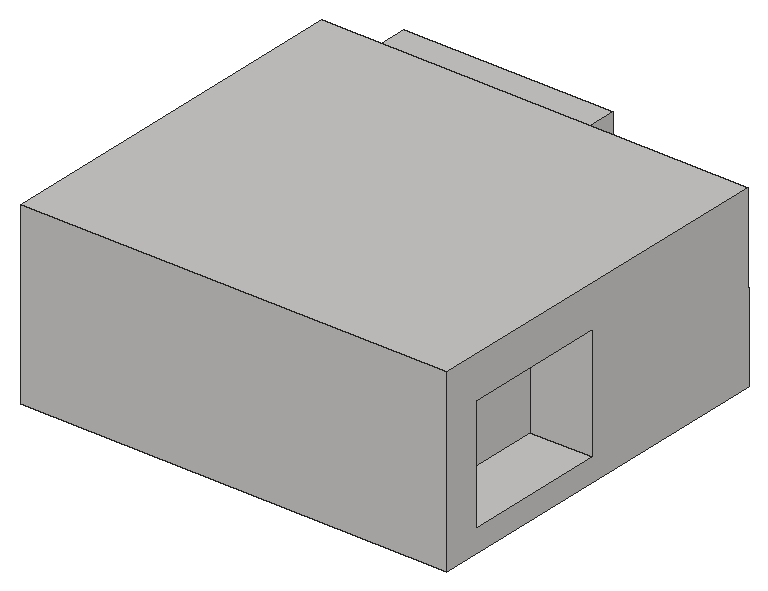
Revit family
Parameters
  Width = 3' - 0 1/8"
  Voltage = 208 V
  Unit Weight = "155.0 lbs"
  UltraLoc Liner = Choose Liner Option = 3  # no
  URL = "http://www.titus-hvac.com/"
  UL = "181"
  Supply Air Flow [instance] = 0 CFM
  SteriLoc Liner = Choose Liner Option = 2  # no
  Primary Air Pressure Drop [instance] = 0.00 in-wg
  Primary Air Flow [instance] = 0 CFM
  Plenum Air Pressure Drop [instance] = 0.00 in-wg
  Plenum Air Flow [instance] = 0 CFM
  Outlet Width = 1' - 2"
  Outlet Vertical Offset = 0' - 1 1/8"
  Outlet Horizontal Offset = 0' - 1 3/8"
  Outlet Height = 0' - 11"
  Number of Poles = 2
  Nominal Width = Width + 0' 6 1/4"  # 3' - 6 3/8"
  Nominal Length = Length + 0' 3 3/8"  # 3' - 8 1/4"
  Nominal Inlet Size = 0' - 8"
  Nominal Height = 1' - 5 1/8"
  NFPA = "90A"
  Motor Full Load Amps = 4.1 A
  Model = "DTQS"
  Min. Air Flow = 0 CFM
  Max. Air Flow = 0 CFM
  Material = Galvanized Steel
  Manufacturer = "Titus"
  Length = 3' - 4 7/8"
  Juction Box Offset = 0' - 2 7/8"
  Inlet Diameter = Nominal Inlet Size - 0' 0 1/8"  # 0' - 7 7/8"
  Induced Air Inlet Offset = 0' - 4 1/2"
  Induced Air Inlet Width = 1' - 1 1/4"
  Induced Air Inlet Height = 1' - 2 1/2"
  Induced Air Filter = no
  Heating Total Capacity [instance] = 0 Btu/h
  Half Outlet Connection Width = Outlet Width / 2  # 0' - 7"
  Half Outlet Connection Height = Outlet Height / 2  # 0' - 5 1/2"
  Half Height Start = -(Nominal Height / 2)  # -0' - 8 9/16"
  Half Height End = Nominal Height / 2  # 0' - 8 9/16"
  HP-Motor = "1/3"
  Frequency = 60 Hz
  Filter Size = "19\"x17\""
  Fiber Free Liner = Choose Liner Option = 1  # no
  Fan Disconnect Switch = no
  Duct Radius = Nominal Inlet Size / 2  # 0' - 4"
  Description = "Series Fan Powered Terminal Unit, Direct Digital Control, Pressure Independent"
  Connection Void Radius = Connection Radius - 0' 0 1/4"  # 0' - 3 11/16"
  Connection Radius = Inlet Diameter / 2  # 0' - 3 15/16"
  Choose Liner Option = 0
  CADworks URL = "www.CADworks.net"
  Assembly Code = "D3040100"
  Apparent Power = Voltage * Motor Full Load Amps  # 852.8 VA
  Air Inlet Offset = 0' - 6"
  1/2" Fiberglass Liner = Choose Liner Option = 0  # yes
Reference planes (in)
  plane 1 "Center (Front/Back)": y = 0
  plane 2: z = 0
  plane 3 "Center (Left/Right)": x = 3
  plane 4: x = -17.4375
  plane 5: x = 23.4375
  plane 6: x = -14.5625
  plane 7: x = -20.8125
  plane 8 "Center (Elevation)": z = 0
  plane 9: y = -18.0625
  plane 10: y = 18.0625
  plane 11: y = 12.0625
  plane 12: y = -13.5625
  plane 13: x = -11.4375
  plane 14: x = 17.4375
  plane 15: y = 24.3125
  plane 16: z = 8.5625
  plane 17: z = -8.5625
Forms (in)
  Extrusion 1, solid, material "Galvanized Steel" <- "Material"
    sketch origin (61, -3.76302, 78.80279) x (1, 0, 0) y (0, 1, 0)
      loop
        line (-78.4375, 21.82552) -> (-78.4375, -14.29948) -> (-37.5625, -14.29948) -> (-37.5625, 21.82552) -> (-78.4375, 21.82552)
    from -87.36529 <- "Half Height Start" to -70.24029 <- "Half Height End"
  Extrusion 2, solid, material "Galvanized Steel" <- "Material"
    sketch origin (4.0625, 0, 42) x (1, 0, 0) y (0, 1, 0)
      loop
        line (-18.625, 18.0625) -> (1.375, 18.0625) -> (1.375, 24.3125) -> (-18.625, 24.3125) -> (-18.625, 18.0625)
    from -48 to -36
  Extrusion 3, void
    sketch origin (23.4375, 18.0625, 76.42779) x (0, 1, 0) y (0, 0, -1)
      loop
        line (-18.625, 71.86529) -> (-18.625, 82.86529) -> (-32.625, 82.86529) -> (-32.625, 71.86529) -> (-18.625, 71.86529)
    from 0 to 6
  Extrusion 4, solid, material "Galvanized Steel" <- "Material"
    sketch origin (-24.875, -0.4375, 0) x (0, 0, -1) y (0, 1, 0)
      loop
        circle (0, 12.5) r 3.9375
    from 4.0625 to 7.4375
  Extrusion 5, void
    sketch origin (-24.875, 0, 0) x (0, 1, 0) y (0, 0, 1)
      loop
        circle (12.0625, 0) r 3.6875
    from 4.0625 to 13.4375
  Extrusion 6, void
    sketch origin (-17.4375, -18.0625, 78.67779) x (0, -1, 0) y (0, 0, -1)
      loop
        line (-17.75, 71.49029) -> (-4.5, 71.49029) -> (-4.5, 85.99029) -> (-17.75, 85.99029) -> (-17.75, 71.49029)
    from 0 to 6
Cuts and joins
  Extrusion 3, Extrusion 5, Extrusion 6 cuts Extrusion 1
  Extrusion 5 cuts Extrusion 4
Dimensions and locks (in)
  "Length": plane 5 to plane 4
  equal spacing: plane 5, plane 3 "Center (Left/Right)", plane 4
  locked: Extrusion 2 to plane 6 at 0
  locked: Extrusion 2 to Extrusion 2 at 20
  "Juction Box Offset": plane 6 to plane 4
  "Outlet Height": Extrusion 3 sketch curve to Extrusion 3 sketch curve
  "Outlet Width": Extrusion 3 sketch curve to Extrusion 3 sketch curve
  locked: plane 4 to plane 7 at 3.375
  "Width": plane 9 to plane 10
  equal spacing: plane 9, plane 1 "Center (Front/Back)", plane 10
  locked: Extrusion 4 sketch curve to level at 0
  locked: Extrusion 4 sketch curve to plane 11 at 0
  locked: Extrusion 5 sketch curve to level at 0
  locked: Extrusion 5 sketch curve to plane 11 at 0
  locked: Extrusion 2 to Extrusion 2 at 6.25
  "Air Inlet Offset": plane 10 to plane 11
  locked: Extrusion 2 to plane 10 at 0
  locked: cut or joined group of Extrusion 4, Extrusion 5 to plane 7 at 0
  locked: cut or joined group of Extrusion 4, Extrusion 5 to cut or joined group of Extrusion 4, Extrusion 5 at 3.375
  "Induced Air Inlet Offset": plane 9 to plane 12
  "Induced Air Inlet Width": Extrusion 6 sketch curve to Extrusion 6 sketch curve
  "Induced Air Inlet Height": Extrusion 6 sketch curve to Extrusion 6 sketch curve
  "Induced Air Inlet Offset": Extrusion 6 sketch curve to plane 9
  locked: plane 9 to Extrusion 3 sketch curve at 3.5
  cut or joined group of Extrusion 1, Extrusion 3, Extrusion 5, Extrusion 6 to Extrusion 6 sketch curve = 0' - 1 3/8"
  cut or joined group of Extrusion 1, Extrusion 3, Extrusion 5, Extrusion 6 to Extrusion 3 sketch curve = 0' - 2 1/8"
  locked: Extrusion 2 to Extrusion 2 at 12
  equal spacing: Extrusion 2, level, Extrusion 2
  locked: cut or joined group of Extrusion 1, Extrusion 3, Extrusion 5, Extrusion 6 to cut or joined group of Extrusion 1, Extrusion 3, Extrusion 5, Extrusion 6 at 17.125
  equal spacing: cut or joined group of Extrusion 1, Extrusion 3, Extrusion 5, Extrusion 6, level, cut or joined group of Extrusion 1, Extrusion 3, Extrusion 5, Extrusion 6
  locked: plane 4 to plane 13 at 6
  locked: plane 14 to plane 5 at 6
  "Connection Radius": radius of Extrusion 4 sketch curve
  "Connection Void Radius": radius of Extrusion 5 sketch curve
  aligned and locked: cut or joined group of Extrusion 1, Extrusion 3, Extrusion 5, Extrusion 6 to plane 10
  aligned and locked: plane 9 to cut or joined group of Extrusion 1, Extrusion 3, Extrusion 5, Extrusion 6
  aligned and locked: plane 5 to cut or joined group of Extrusion 1, Extrusion 3, Extrusion 5, Extrusion 6
  aligned and locked: cut or joined group of Extrusion 1, Extrusion 3, Extrusion 5, Extrusion 6 to plane 4
  aligned and locked: Extrusion 3 to plane 14
  aligned and locked: plane 13 to Extrusion 6
  aligned and locked: Extrusion 6 to Extrusion 5
Automatic sketch dimensions
  plane 4 to Extrusion 1 sketch curve = 0' - 0"
  plane 5 to Extrusion 1 sketch curve = 0' - 0"
  plane 9 to Extrusion 1 sketch curve = 0' - 0"
  plane 10 to Extrusion 1 sketch curve = 0' - 0"
  Extrusion 2 sketch curve to plane 6 = 0' - 0"
  Extrusion 2 sketch curve to plane 10 = 0' - 0"
  plane 3 "Center (Left/Right)" to Extrusion 2 sketch curve = 0' - 2 7/16"
  Extrusion 2 sketch curve to plane 10 = 0' - 6 1/4"
Connectors (in)
  electrical at (-4.5625, 24.3125, 0), driven by "Apparent Power", driven by "Voltage", driven by "Number of Poles"
    settings: on Extrusion 2, index 8
  hvac at (-20.8125, 12.0625, 0), driven by "Primary Air Flow", driven by "Duct Radius", driven by "Primary Air Pressure Drop"
    settings: on cut or joined group of Extrusion 4, Extrusion 5, index 9
  hvac at (-17.4375, -6.9375, -0.0625), driven by "Induced Air Inlet Width", driven by "Induced Air Inlet Height", driven by "Plenum Air Pressure Drop", driven by "Plenum Air Flow"
    settings: on cut or joined group of Extrusion 1, Extrusion 3, Extrusion 5, Extrusion 6, index 14
  hvac at (23.4375, -7.5625, -0.9375), driven by "Supply Air Flow", driven by "Outlet Width", driven by "Outlet Height"
    settings: on cut or joined group of Extrusion 1, Extrusion 3, Extrusion 5, Extrusion 6, index 15
